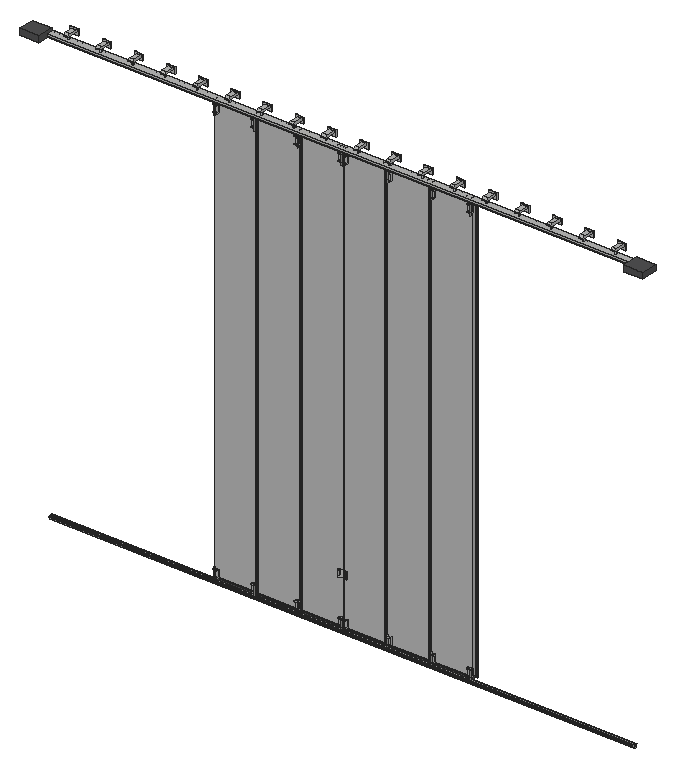
Revit family "Промышленные откатные ворота с нижней направляющей серии ISG-LG", category Двери, Revit 2022
Family settings
  Основа = Стена
  Номер OmniClass = 23.30.10.00
  Заголовок OmniClass = Doors
  Всегда вертикально = Да
  При загрузке вырезать с полостями = Нет
  Общий = Нет
  Точка принадлежности помещению = Нет
Parameters
  Ресурс = "20 000 циклов. Минимальное количество циклов, при котором изготовитель гарантирует отсутствие необходимости в замене какой-либо детали"  # constant formula
  Приведенное сопротивление теплопередаче = "0,65м2 *°С/Вт. При толщине сэндвич-панели 55 мм"  # constant formula
  Группа горючести по ГОСТ 30244-94 = "Г2 (умеренно горючие). При толщине сэндвич-панели 55 мм"  # constant formula
  Группа воспламеняемости по ГОСТ 30402-96 = "В2 (умеренно горючие). При толщине сэндвич-панели 55 мм"  # constant formula
  Габаритная высота изделия [instance] = Высота_Расчет + 350  # 10350
  Количество полотен_Расчет [instance] = if(Открывание_Двустворчатое, Полотно_Левое_Количество + Полотно_Правое_Количество, if(Открывание_Левое, Полотно_Левое_Количество, Полотно_Правое_Количество))  # 6
  Габаритная ширина изделия [instance] = if(or(Открывание_Левое, Открывание_Правое), (((((((Ширина_Расчет + 60) - (50 * (Количество полотен_Расчет - 1))) / Количество полотен_Расчет))) * Количество полотен_Расчет + 50 * (Количество полотен_Расчет - 1)) * 2) + 385 + 145 + 450, (((((((Ширина_Расчет + 60) - (50 * (Количество полотен_Расчет - 1))) / Количество полотен_Расчет))) * Количество полотен_Расчет + 50 * (Количество полотен_Расчет - 1)) * 2) + 385 * 2 + 450 * 2)  # 13790
  Ширина_Расчет [instance] = Width / 1 mm  # 6000
  Функция = Внутренние слои
  Материал уплотнения = DoorHan_Черный
  Сопротивление ветровой нагрузке = "480 Па"  # constant formula
  Предупреждение [instance] = if(Height < 2000 mm, "Минимальная высота проема для конструкции 2000 мм", if(Height > 10000 mm, "Максимальная высота проема для конструкции 10000 мм", if(and(Width < 5000 mm, or(Открывание_Левое, Открывание_Правое)), "Минимальная ширина проема для конструкции 5000 мм", if(and(Width > 15000 mm, or(Открывание_Левое, Открывание_Правое)), "Максимальная ширина проема для конструкции 15000 мм", if(and(Width < 5000 mm, Открывание_Двустворчатое), "Минимальная ширина проема для конструкции 5000 мм", if(and(Width > 30000 mm, Открывание_Двустворчатое), "Максимальная ширина проема для конструкции 30000 мм", " "))))))  # " "
  Полотно_Правое_Количество [instance] = if(and(Открывание_Правое, and(Width > 4999 mm, Width < 5541 mm)), 5, if(and(Открывание_Правое, and(Width > 5540 mm, Width < 6671 mm)), 6, if(and(Открывание_Правое, and(Width > 6670 mm, Width < 7801 mm)), 7, if(and(Открывание_Правое, and(Width > 7800 mm, Width < 8931 mm)), 8, if(and(Открывание_Правое, and(Width > 8930 mm, Width < 10061 mm)), 9, if(and(Открывание_Правое, and(Width > 10060 mm, Width < 11191 mm)), 10, if(and(Открывание_Правое, and(Width > 11190 mm, Width < 12321 mm)), 11, if(and(Открывание_Правое, and(Width > 12320 mm, Width < 13451 mm)), 12, if(and(Открывание_Правое, and(Width > 13450 mm, Width < 14581 mm)), 13, if(and(Открывание_Двустворчатое, and(Width > 4999 mm, Width < 6671 mm)), 3, if(and(Открывание_Двустворчатое, and(Width > 6670 mm, Width < 8931 mm)), 4, if(and(Открывание_Двустворчатое, and(Width > 8930 mm, Width < 11191 mm)), 5, if(and(Открывание_Двустворчатое, and(Width > 11190 mm, Width < 13451 mm)), 6, if(and(Открывание_Двустворчатое, and(Width > 13450 mm, Width < 15711 mm)), 7, if(and(Открывание_Двустворчатое, and(Width > 15710 mm, Width < 17971 mm)), 8, if(and(Открывание_Двустворчатое, and(Width > 17970 mm, Width < 20231 mm)), 9, if(and(Открывание_Двустворчатое, and(Width > 20230 mm, Width < 22491 mm)), 10, if(and(Открывание_Двустворчатое, and(Width > 22490 mm, Width < 24751 mm)), 11, if(and(Открывание_Двустворчатое, and(Width > 24750 mm, Width < 26940 mm)), 12, if(and(Открывание_Двустворчатое, and(Width > 26939 mm, Width < 29100 mm)), 13, 14))))))))))))))))))))  # 3
  Полотно_Левое_Количество [instance] = if(and(Открывание_Левое, and(Width > 4999 mm, Width < 5541 mm)), 5, if(and(Открывание_Левое, and(Width > 5540 mm, Width < 6671 mm)), 6, if(and(Открывание_Левое, and(Width > 6670 mm, Width < 7801 mm)), 7, if(and(Открывание_Левое, and(Width > 7800 mm, Width < 8931 mm)), 8, if(and(Открывание_Левое, and(Width > 8930 mm, Width < 10061 mm)), 9, if(and(Открывание_Левое, and(Width > 10060 mm, Width < 11191 mm)), 10, if(and(Открывание_Левое, and(Width > 11190 mm, Width < 12321 mm)), 11, if(and(Открывание_Левое, and(Width > 12320 mm, Width < 13451 mm)), 12, if(and(Открывание_Левое, and(Width > 13450 mm, Width < 14581 mm)), 13, if(and(Открывание_Двустворчатое, and(Width > 4999 mm, Width < 6671 mm)), 3, if(and(Открывание_Двустворчатое, and(Width > 6670 mm, Width < 8931 mm)), 4, if(and(Открывание_Двустворчатое, and(Width > 8930 mm, Width < 11191 mm)), 5, if(and(Открывание_Двустворчатое, and(Width > 11190 mm, Width < 13451 mm)), 6, if(and(Открывание_Двустворчатое, and(Width > 13450 mm, Width < 15711 mm)), 7, if(and(Открывание_Двустворчатое, and(Width > 15710 mm, Width < 17971 mm)), 8, if(and(Открывание_Двустворчатое, and(Width > 17970 mm, Width < 20231 mm)), 9, if(and(Открывание_Двустворчатое, and(Width > 20230 mm, Width < 22491 mm)), 10, if(and(Открывание_Двустворчатое, and(Width > 22490 mm, Width < 24751 mm)), 11, if(and(Открывание_Двустворчатое, and(Width > 24750 mm, Width < 26940 mm)), 12, if(and(Открывание_Двустворчатое, and(Width > 26939 mm, Width < 29100 mm)), 13, 14))))))))))))))))))))  # 3
  Полотно2_Ширина [instance] = if(Открывание_Правое, Width + (Полотно_Выступ * 2), (Width / 2) + 30 mm)  # 3030 mm
  Полотно1_Ширина [instance] = if(Открывание_Левое, Width + (Полотно_Выступ * 2), (Width / 2) + 30 mm)  # 3030 mm
  Полотно_Правое [instance] = or(Открывание_Правое, Открывание_Двустворчатое)  # yes
  Полотно_Левое [instance] = or(Открывание_Левое, Открывание_Двустворчатое)  # yes
  Полотно_Выступ = 30 mm  # constant formula
  Полотно_Высота [instance] = Height + 42 mm  # 10042 mm
  Открывание_Правое [instance] = no
  Открывание_Левое [instance] = no
  Открывание_Двустворчатое [instance] = not(or(Открывание_Левое, Открывание_Правое))  # yes
  Материал полотна = DoorHan_Серый
  Материал направляющих = DoorHan_Серый
  Направляющая_Запас справа [instance] = if(Открывание_Правое, (Полотно1_Ширина * 2) + 385 mm + 450 mm, if(Открывание_Двустворчатое, Полотно2_Ширина + 385 mm + 450 mm, 145 mm))  # 3865 mm
  Направляющая_Запас слева [instance] = if(Открывание_Левое, (Полотно2_Ширина * 2) + 385 mm + 450 mm, if(Открывание_Двустворчатое, Полотно1_Ширина + 385 mm + 450 mm, 145 mm))  # 3865 mm
  Высота_Расчет [instance] = Height / 1 mm  # 10000
  Height [instance] = 10000 mm
  Замыкание стены = По основе
  Width [instance] = 6000 mm
  Воздухонепроницаемость по ГОСТ26602.2-99 = "50 Па"  # constant formula
  Warning [instance] = or(Height < 2000 mm, or(Height > 10000 mm, or(and(Width < 5000 mm, or(Открывание_Левое, Открывание_Правое)), or(and(Width > 15000 mm, or(Открывание_Левое, Открывание_Правое)), or(and(Width < 5000 mm, Открывание_Двустворчатое), and(Width > 30000 mm, Открывание_Двустворчатое))))))  # no
  D_Warning [instance] = Width  # 6000 mm
  ADSK_Примечание [instance] = ""
  ADSK_Позиция [instance] = ""
  ADSK_Наименование = "Промышленные откатные ворота с нижней направляющей серии ISG-LG"  # constant formula
  ADSK_Материал наименование [instance] = if(Height < 8001 mm, "55мм", "65мм")  # "65мм"
  ADSK_Масса [instance] = round((Габаритная ширина изделия * Габаритная высота изделия) / 1000000 * 26 + 15 * Габаритная ширина изделия / 1000) * 0.15  # 587.7
  ADSK_Марка = "ISG-LG"  # constant formula
  ADSK_Количество = 1  # constant formula
  ADSK_Код изделия = "DUS-234-2"  # constant formula
  ADSK_Завод-изготовитель = "DoorHan"  # constant formula
  ADSK_Единица измерения = "шт."  # constant formula
  ADSK_URL страницы изделия = "https://doorhan.ru/spravka/data-test.php?data=ISG-LG.xml"
  --------------------Расчет-------------------- = "--------------------"  # constant formula
  --------------------Полотно-------------------- = "--------------------"  # constant formula
  --------------------Направляющие-------------------- = "--------------------"  # constant formula
Reference planes
  plane 1: y = 0
  plane 2 "По центру (Влево/Вправо)": x = 0
  plane 3 "Слева": x = -3000
  plane 4 "Справа": x = 3000
  plane 5 "Наружный": y = 150
  plane 6 "Внутренние": y = -150
  plane 7 "Высота": z = 10000
  plane 8: y = -296.5
  plane 9: z = 10190
  plane 10: y = -235
  plane 11: x = -3030
  plane 12: x = 3030
Forms (mm)
  Extrusion 1, void
    sketch origin (0, -150, 0) x (1, 0, 0) y (0, 0, 1)
      loop
        line (-3000, 10000) -> (-3000, 0) -> (3000, 0) -> (3000, 10000) -> (-3000, 10000)
    from -300 to 0
  Sweep 2, solid, material "DoorHan_Черный" <- "Материал уплотнения"
    path origin (0, -150, 0) x (1, 0, 0) y (0, 0, 1)
      loop
        line (-3000, 0) -> (-3000, 10000) -> (3000, 10000) -> (3000, 0)
    profile origin (-3000, -150, 5000) x (-1, 0, 0) y (0, -1, 0)
      loop
        line (50, 0) -> (50, 2) -> (1.987, 2) -> (1.987, 20) -> (4.987, 20) -> (4.987, 41) -> (10.987, 41) -> (10.987, 50) -> (8.987, 50) -> (10, 95) -> (4, 95) -> (5, 50) -> (0, 50) -> (0, 0) -> (50, 0)
  Revolve 3, solid, material "Warning", visible <- "Warning"
    sketch origin (0, 0, 10000) x (-1, 0, 0) y (0, -1, 0)
      loop
        line (0, 0) -> (0, -3000)
        arc (0, -3000) -> (3000, 0) -> (0, 3000) r 3000
        line (0, 3000) -> (0, 0)
      axis (0, 3000) -> (0, -3000)
    angle from 0 to 360
Text (mm)
  text "Наружный" at (-2499.985, 1099.543, 0), in view "Опорный уровень"
  text "Наружный" at (0, 1615.38, 3698.081), in view "Слева"
  text "Наружный" at (0, 916.032, 3874.932), in view "Справа"
Dimensions and locks
  equal spacing: plane 3 "Слева", plane 2 "По центру (Влево/Вправо)", plane 4 "Справа"
  "Width": plane 3 "Слева" to plane 4 "Справа"
  locked: plane 5 "Наружный" to host wall
  locked: plane 6 "Внутренние" to host wall
  "Height": plane 7 "Высота" to level
  locked: plane 8 to plane 6 "Внутренние" at 146.5
  plane 9 to plane 7 "Высота" = 190 mm
  locked: plane 10 to plane 6 "Внутренние" at 85
  "Полотно_Выступ": plane 11 to plane 3 "Слева"
  "Полотно_Выступ": plane 4 "Справа" to plane 12
  "D_Warning": diameter of Revolve 3 sketch curve
  aligned and locked: host wall to plane 1
  aligned and locked: Extrusion 1 sketch curve to plane 7 "Высота"
  aligned and locked: Extrusion 1 sketch curve to plane 3 "Слева"
  aligned and locked: Extrusion 1 sketch curve to plane 4 "Справа"
  aligned and locked: level to Extrusion 1 sketch curve
  aligned and locked: Extrusion 1 to plane 5 "Наружный"
  aligned and locked: Extrusion 1 to plane 6 "Внутренние"
  aligned and locked: Sweep 2 sketch curve to plane 3 "Слева"
  aligned and locked: Sweep 2 sketch curve to plane 4 "Справа"
  aligned and locked: Sweep 2 sketch curve to plane 7 "Высота"
  aligned and locked: Sweep 2 sketch curve to profile plane
  aligned and locked: Sweep 2 sketch curve to plane 6 "Внутренние"
  aligned and locked: plane 2 "По центру (Влево/Вправо)" to nested 1
  aligned and locked: nested 1 to plane 8
  aligned and locked: level to nested 1
  aligned and locked: nested 2 to plane 2 "По центру (Влево/Вправо)"
  aligned and locked: nested 2 to plane 6 "Внутренние"
  aligned and locked: plane 9 to nested 2
  aligned and locked: plane 10 to nested 3
  aligned and locked: plane 11 to nested 3
  aligned and locked: plane 12 to nested 4
  aligned and locked: nested 4 to plane 10
  aligned and locked: plane 2 "По центру (Влево/Вправо)" to Revolve 3 sketch curve
  aligned and locked: plane 1 to Revolve 3 sketch curve
  aligned and locked: Revolve 3 sketch curve to plane 2 "По центру (Влево/Вправо)"
Automatic sketch dimensions
  Sweep 2 sketch curve to level = 0 mm  (x2)
  Sweep 2 sketch curve to Sweep 2 sketch curve = 1.987 mm
  Sweep 2 sketch curve to Sweep 2 sketch curve = 4 mm
  Sweep 2 sketch curve to Sweep 2 sketch curve = 4.987 mm
  Sweep 2 sketch curve to Sweep 2 sketch curve = 5 mm
  Sweep 2 sketch curve to Sweep 2 sketch curve = 3.987 mm
  Sweep 2 sketch curve to Sweep 2 sketch curve = 6 mm  (x2)
  Sweep 2 sketch curve to Sweep 2 sketch curve = 48.013 mm
  Sweep 2 sketch curve to Sweep 2 sketch curve = 2 mm
  Sweep 2 sketch curve to Sweep 2 sketch curve = 18 mm
  Sweep 2 sketch curve to Sweep 2 sketch curve = 21 mm
  Sweep 2 sketch curve to Sweep 2 sketch curve = 9 mm
  Sweep 2 sketch curve to Sweep 2 sketch curve = 0 mm
  Sweep 2 sketch curve to Sweep 2 sketch curve = 45 mm
  Revolve 3 sketch curve to host wall = 0 mm
  host wall to Revolve 3 sketch curve = 0 mm  (x2)
Nested families
  nested 1: "DH_Нижняя направляющая складных ворот" at (0, -316.5, -68), Направляющая_Ширина <- "Width", Материал <- "Материал направляющих", Направляющая_Запас слева <- "Направляющая_Запас слева", Направляющая_Запас справа <- "Направляющая_Запас справа", type "DH_Нижняя направляющая складных ворот"
    with Направляющая_Ширина 6000 mm, Направляющая_Запас справа 3865 mm, Направляющая_Запас слева 3865 mm, Материал DoorHan_Серый
  nested 2: "DH_Верхняя направляющая складных ворот" at (0, -266, 10098), Направляющая_Ширина <- "Width", Материал <- "Материал направляющих", Направляющая_Запас слева <- "Направляющая_Запас слева", Направляющая_Запас справа <- "Направляющая_Запас справа", Открывание_Двустворчатое <- "Открывание_Двустворчатое", Привод_Слева <- "Полотно_Левое", Привод_Справа <- "Полотно_Правое", type "DH_Верхняя направляющая складных ворот"
    with Привод_Справа yes, Привод_Слева yes, Открывание_Двустворчатое yes, Направляющая_Ширина 6000 mm, Направляющая_Запас справа 3865 mm, Направляющая_Запас слева 3865 mm, Материал DoorHan_Серый, Крепления_Шаг первого крепления 756 mm, Крепления_Шаг 756 mm, Крепления_Справа_Количество 9, Крепления_Слева_Количество 9
  nested 3: "DH_Складное полотно" at (0, -235, 0), Полотно_Ширина <- "Полотно1_Ширина", Полотно_Высота <- "Полотно_Высота", visible <- "Полотно_Левое", Полотно_Количество <- "Полотно_Левое_Количество", Полотно_Материал <- "Материал полотна", Ролики_Материал <- "Материал направляющих", Рукоять_Материал <- "Материал направляющих", type "DH_Складное полотно"
    with Уплотнитель_Шаг 976.667 mm, Уплотнитель_Расчет ширины 100 mm, Уплотнитель_Количество 2, Рукоять_Материал DoorHan_Серый, Ролики_Шаг 1026.667 mm, Ролики_Материал DoorHan_Серый, Ролики_Количество 3, Полотно_Ширина одной части 976.667 mm, Полотно_Ширина 3030 mm, Полотно_Шаг 1026.667 mm, Полотно_Материал DoorHan_Серый, Полотно_Количество 3, Полотно_Высота 10042 mm
  nested 4: "DH_Складное полотно" at (0, -235, 0) x (-1, 0, 0) z (0, 0, 1), Полотно_Ширина <- "Полотно2_Ширина", Полотно_Высота <- "Полотно_Высота", visible <- "Полотно_Правое", Полотно_Количество <- "Полотно_Правое_Количество", Полотно_Материал <- "Материал полотна", Ролики_Материал <- "Материал направляющих", Рукоять_Материал <- "Материал направляющих", type "DH_Складное полотно"
    with Уплотнитель_Шаг 976.667 mm, Уплотнитель_Расчет ширины 100 mm, Уплотнитель_Количество 2, Рукоять_Материал DoorHan_Серый, Ролики_Шаг 1026.667 mm, Ролики_Материал DoorHan_Серый, Ролики_Количество 3, Полотно_Ширина одной части 976.667 mm, Полотно_Ширина 3030 mm, Полотно_Шаг 1026.667 mm, Полотно_Материал DoorHan_Серый, Полотно_Количество 3, Полотно_Высота 10042 mm
Definition of nested family "DH_Нижняя направляющая складных ворот"
  Parameters (values of type "DH_Нижняя направляющая складных ворот")
    Default Elevation = 0 mm
    Направляющая_Ширина [instance] = 2960 mm
    Направляющая_Толщина стенки = 2 mm
    Направляющая_Толщина = 40 mm
    Направляющая_Запас справа [instance] = 180 mm
    Направляющая_Запас слева [instance] = 140 mm
    Направляющая_Высота = 68 mm
    Материал [instance] = none
  Reference planes
    plane 1 "По центру (Вперед/Назад)": y = 0
    plane 2: z = 0
    plane 3 "По центру (Влево/Вправо)": x = 0
    plane 4: y = 20
    plane 5: y = -20
    plane 6: x = -1480
    plane 7: x = 1480
    plane 8: z = 68
    plane 9: z = 70
    plane 10: y = 22
    plane 11: y = -22
    plane 12: y = -55
    plane 13: y = 55
    plane 14: z = 2
    plane 15: x = -1620
    plane 16: x = 1660
  Forms (mm)
    Extrusion 1, solid, material <- "Материал"
      sketch origin (0, 0, 0) x (0, 1, 0) y (0, 0, 1)
        loop
          line (22, 68) -> (52.999, 68) -> (55.808, 55.834) -> (58.146, 56.374) -> (55, 70) -> (20, 70) -> (20, 2) -> (-20, 2) -> (-20, 70) -> (-55, 70) -> (-58.158, 56.321) -> (-55.797, 55.776) -> (-52.975, 68) -> (-22, 68) -> (-22, 0) -> (22, 0) -> (22, 68)
      from -1620 to 1660
  Dimensions and locks
    equal spacing: plane 4, plane 1 "По центру (Вперед/Назад)", plane 5
    "Направляющая_Толщина": plane 4 to plane 5
    equal spacing: plane 6, plane 3 "По центру (Влево/Вправо)", plane 7
    "Направляющая_Ширина": plane 6 to plane 7
    "Направляющая_Высота": plane 8 to plane 2
    "Направляющая_Толщина стенки": plane 10 to plane 4
    "Направляющая_Толщина стенки": plane 5 to plane 11
    "Направляющая_Толщина стенки": plane 9 to plane 8
    locked: plane 13 to plane 4 at 35
    locked: plane 5 to plane 12 at 35
    "Направляющая_Толщина стенки": plane 14 to level
    "Направляющая_Запас справа": plane 7 to plane 16
    "Направляющая_Запас слева": plane 15 to plane 6
    aligned and locked: level to plane 2
    aligned and locked: Extrusion 1 sketch curve to level
    aligned and locked: plane 14 to Extrusion 1 sketch curve
    aligned and locked: plane 11 to Extrusion 1 sketch curve
    aligned and locked: plane 5 to Extrusion 1 sketch curve
    aligned and locked: Extrusion 1 sketch curve to plane 4
    aligned and locked: Extrusion 1 sketch curve to plane 10
    aligned and locked: Extrusion 1 sketch curve to plane 8
    aligned and locked: plane 8 to Extrusion 1 sketch curve
    aligned and locked: Extrusion 1 sketch curve to plane 9
    aligned and locked: plane 9 to Extrusion 1 sketch curve
    aligned and locked: Extrusion 1 to plane 15
    aligned and locked: plane 16 to Extrusion 1
  Automatic sketch dimensions
    Extrusion 1 sketch curve to plane 12 = 0 mm
    Extrusion 1 sketch curve to plane 13 = 0 mm
    plane 12 to Extrusion 1 sketch curve = 0.797 mm
    Extrusion 1 sketch curve to Extrusion 1 sketch curve = 2.361 mm
    Extrusion 1 sketch curve to Extrusion 1 sketch curve = 2.025 mm
    plane 13 to Extrusion 1 sketch curve = 2.001 mm
    Extrusion 1 sketch curve to plane 13 = 0.808 mm
    Extrusion 1 sketch curve to Extrusion 1 sketch curve = 0.54 mm
Definition of nested family "DH_Верхняя направляющая складных ворот"
  Parameters (values of type "DH_Верхняя направляющая складных ворот")
    Привод_Справа [instance] = yes
    Привод_Слева [instance] = yes
    Default Elevation = 0 mm
    Открывание_Двустворчатое [instance] = no
    Направляющая_Ширина [instance] = 5000 mm
    Направляющая_Толщина = 166 mm
    Направляющая_Запас справа [instance] = 1318 mm
    Направляющая_Запас слева [instance] = 1318 mm
    Направляющая_Высота = 92 mm
    Материал [instance] = none
    Крепления_Шаг первого крепления [instance] = if(Открывание_Двустворчатое, 756 mm, 753 mm)  # 753 mm
    Крепления_Шаг [instance] = if(Открывание_Двустворчатое, 756 mm, 753 mm)  # 753 mm
    Крепления_Справа_Количество [instance] = roundup((((Направляющая_Ширина / 2) + Направляющая_Запас справа) - (Крепления_Шаг первого крепления / 2)) / Крепления_Шаг)  # 5
    Крепления_Слева_Количество [instance] = roundup((((Направляющая_Ширина / 2) + Направляющая_Запас слева) - (Крепления_Шаг первого крепления / 2)) / Крепления_Шаг)  # 5
  Reference planes
    plane 1 "По центру (Вперед/Назад)": y = 0
    plane 2: z = 0
    plane 3 "По центру (Влево/Вправо)": x = 0
    plane 4: y = -166
    plane 5: x = -2500
    plane 6: x = 2500
    plane 7: z = 92
    plane 8: y = 116
    plane 9: x = -376.5
    plane 10: x = 3818
    plane 11: x = -3818
    plane 12: x = 376.5
    plane 13: x = -1129.5
    plane 14: x = 1129.5
  Forms (mm)
    Extrusion 1, solid, material <- "Материал"
      sketch origin (0, 0, 0) x (0, 1, 0) y (0, 0, 1)
        loop
          line (0, 92) -> (-166, 92) -> (-166, 47) -> (-161, 47) -> (-161, 18) -> (-153, 18) -> (-153, 20) -> (-158, 20) -> (-158, 71) -> (-107, 71) -> (-107, 20) -> (-112, 20) -> (-112, 18) -> (-105, 18) -> (-105, 88) -> (-99, 88) -> (-99, 0) -> (-68, 0) -> (-68, 5) -> (-94, 5) -> (-94, 83) -> (-9, 83) -> (-9, 5) -> (-35, 5) -> (-35, 0) -> (-4, 0) -> (-4, 47) -> (0, 47) -> (0, 92)
      from -3818 to 3818
  Dimensions and locks
    "Направляющая_Толщина": plane 4 to plane 1 "По центру (Вперед/Назад)"
    equal spacing: plane 5, plane 3 "По центру (Влево/Вправо)", plane 6
    "Направляющая_Ширина": plane 5 to plane 6
    "Направляющая_Высота": plane 7 to level
    plane 1 "По центру (Вперед/Назад)" to plane 8 = 116 mm
    "Направляющая_Запас справа": plane 6 to plane 10
    "Направляющая_Запас слева": plane 11 to plane 5
    equal spacing: plane 9, plane 3 "По центру (Влево/Вправо)", plane 12
    "Крепления_Шаг первого крепления": plane 9 to plane 12
    "Крепления_Шаг": plane 13 to plane 9
    "Крепления_Шаг": plane 12 to plane 14
    equal spacing: group 1, group 2, group 5, group 7, group 8  (x3)
    equal spacing: group 10, group 9, group 6, group 4, group 3
    equal spacing: group 3, group 4, group 6, group 9, group 10  (x2)
    aligned and locked: level to plane 2
    aligned and locked: plane 7 to Extrusion 1 sketch curve
    aligned and locked: Extrusion 1 sketch curve to plane 1 "По центру (Вперед/Назад)"
    aligned and locked: Extrusion 1 sketch curve to plane 4
    aligned and locked: Extrusion 1 sketch curve to level  (x2)
    aligned and locked: nested 1 to plane 8
    aligned and locked: plane 9 to nested 1
    aligned and locked: Extrusion 1 to plane 11
    aligned and locked: plane 10 to Extrusion 1
    aligned and locked: nested 2 to plane 8
    aligned and locked: plane 12 to nested 2
    aligned and locked: nested 3 to plane 8
    aligned and locked: plane 14 to nested 3
    aligned and locked: nested 4 to plane 8
    aligned and locked: plane 13 to nested 4
    aligned and locked: nested 8 to plane 1 "По центру (Вперед/Назад)"
    aligned and locked: plane 1 "По центру (Вперед/Назад)" to nested 7
    aligned and locked: nested 7 to plane 10
    aligned and locked: plane 11 to nested 8
    aligned and locked: nested 1 to plane 7
    aligned and locked: plane 7 to nested 1
    aligned and locked: plane 7 to nested 4
    aligned and locked: plane 7 to nested 2
    aligned and locked: plane 7 to nested 3
  Automatic sketch dimensions
    plane 4 to Extrusion 1 sketch curve = 5 mm
    plane 4 to Extrusion 1 sketch curve = 8 mm
    Extrusion 1 sketch curve to Extrusion 1 sketch curve = 5 mm  (x2)
    level to Extrusion 1 sketch curve = 18 mm  (x2)
    Extrusion 1 sketch curve to Extrusion 1 sketch curve = 41 mm
    Extrusion 1 sketch curve to plane 7 = 21 mm
    Extrusion 1 sketch curve to Extrusion 1 sketch curve = 51 mm
    Extrusion 1 sketch curve to Extrusion 1 sketch curve = 2 mm  (x3)
    Extrusion 1 sketch curve to Extrusion 1 sketch curve = 6 mm
    level to Extrusion 1 sketch curve = 5 mm  (x2)
    Extrusion 1 sketch curve to Extrusion 1 sketch curve = 26 mm
    Extrusion 1 sketch curve to Extrusion 1 sketch curve = 33 mm
    plane 1 "По центру (Вперед/Назад)" to Extrusion 1 sketch curve = 9 mm
    plane 1 "По центру (Вперед/Назад)" to Extrusion 1 sketch curve = 4 mm
    Extrusion 1 sketch curve to Extrusion 1 sketch curve = 24 mm
    Extrusion 1 sketch curve to Extrusion 1 sketch curve = 42 mm
    Extrusion 1 sketch curve to plane 7 = 9 mm
    Extrusion 1 sketch curve to plane 7 = 4 mm
  Nested families
    nested 1: "DH_Крепление верхней направляющей" at (-376.5, 116, 112), Материал <- "Материал", type "DH_Крепление верхней направляющей"
    nested 2: "DH_Крепление верхней направляющей" at (376.5, 116, 112), Материал <- "Материал", type "DH_Крепление верхней направляющей"
    nested 3: "DH_Крепление верхней направляющей" at (1129.5, 116, 112), Материал <- "Материал", type "DH_Крепление верхней направляющей"
    nested 4: "DH_Крепление верхней направляющей" at (-1129.5, 116, 112), Материал <- "Материал", type "DH_Крепление верхней направляющей"
    nested 5: "DH_Крепление верхней направляющей" at (1882.5, 116, 112), Материал <- "Материал", type "DH_Крепление верхней направляющей"
    nested 6: "DH_Крепление верхней направляющей" at (-1882.5, 116, 112), Материал <- "Материал", type "DH_Крепление верхней направляющей"
    nested 7: "DH_Привод" at (4043, 0, 0), visible <- "Привод_Справа", type "DH_Привод"
    nested 8: "DH_Привод" at (-4043, 0, 0), visible <- "Привод_Слева", type "DH_Привод"
    nested 9: "DH_Крепление верхней направляющей" at (2635.5, 116, 112), Материал <- "Материал", type "DH_Крепление верхней направляющей"
    nested 10: "DH_Крепление верхней направляющей" at (3388.5, 116, 112), Материал <- "Материал", type "DH_Крепление верхней направляющей"
    nested 11: "DH_Крепление верхней направляющей" at (-2635.5, 116, 112), Материал <- "Материал", type "DH_Крепление верхней направляющей"
    nested 12: "DH_Крепление верхней направляющей" at (-3388.5, 116, 112), Материал <- "Материал", type "DH_Крепление верхней направляющей"
  Definition of nested family "DH_Крепление верхней направляющей"
    Parameters (values of type "DH_Крепление верхней направляющей")
      Ширина2 = 100 mm
      Ширина1 = 200 mm
      Default Elevation = 0 mm
      Материал [instance] = none
    Reference planes
      plane 1 "По центру (Вперед/Назад)": y = 0
      plane 2: z = 0
      plane 3 "По центру (Влево/Вправо)": x = 0
      plane 4: y = -6
      plane 5: y = -256
      plane 6: x = -100
      plane 7: x = 100
      plane 8: x = -50
      plane 9: x = 50
      plane 10: z = 140
      plane 11: z = 112
      plane 12: z = 60
      plane 13: y = -176
      plane 14: z = -20
    Forms (mm)
      Extrusion 1, solid, material <- "Материал"
        sketch origin (0, 0, 0) x (1, 0, 0) y (0, 0, 1)
          loop
            line (-100, 140) -> (-100, 0) -> (100, 0) -> (100, 140) -> (-100, 140)
        from 0 to 6
      Extrusion 2, solid, material <- "Материал"
        sketch origin (0, 0, 0) x (0, 1, 0) y (0, 0, 1)
          loop
            line (-6, 60) -> (-6, 112) -> (-201, 112) -> (-256, 80) -> (-256, 60) -> (-6, 60)
        from -50 to 50
      Extrusion 3, solid
        sketch origin (0, 0, 0) x (1, 0, 0) y (0, 1, 0)
          loop
            circle (0, -176) r 15
        from -20 to 60
    Dimensions and locks
      plane 4 to plane 1 "По центру (Вперед/Назад)" = 6 mm
      equal spacing: plane 6, plane 3 "По центру (Влево/Вправо)", plane 7
      "Ширина1": plane 6 to plane 7
      equal spacing: plane 8, plane 3 "По центру (Влево/Вправо)", plane 9
      "Ширина2": plane 8 to plane 9
      plane 10 to level = 140 mm
      plane 12 to level = 60 mm
      plane 11 to plane 12 = 52 mm
      plane 4 to plane 5 = 250 mm
      locked: plane 13 to plane 5 at 80
      level to plane 14 = 20 mm
      aligned and locked: level to plane 2
      aligned and locked: Extrusion 1 sketch curve to plane 10
      aligned and locked: plane 6 to Extrusion 1 sketch curve
      aligned and locked: Extrusion 1 sketch curve to plane 7
      aligned and locked: level to Extrusion 1 sketch curve
      aligned and locked: Extrusion 1 to plane 1 "По центру (Вперед/Назад)"
      aligned and locked: Extrusion 1 to plane 4
      aligned and locked: Extrusion 2 sketch curve to plane 5
      aligned and locked: Extrusion 2 sketch curve to plane 12
      aligned and locked: Extrusion 2 sketch curve to plane 11
      aligned and locked: plane 4 to Extrusion 2 sketch curve
      aligned and locked: Extrusion 2 to plane 8
      aligned and locked: plane 9 to Extrusion 2
      aligned and locked: plane 13 to Extrusion 3 sketch curve
      aligned and locked: plane 3 "По центру (Влево/Вправо)" to Extrusion 3 sketch curve
      aligned and locked: plane 12 to Extrusion 3
      aligned and locked: Extrusion 3 to plane 14
    Automatic sketch dimensions
      plane 5 to Extrusion 2 sketch curve = 55 mm
      Extrusion 2 sketch curve to Extrusion 2 sketch curve = 20 mm
      radius of Extrusion 3 sketch curve = 15 mm
  Definition of nested family "DH_Привод"
    Parameters
      Ширина = 450 mm
      Толщина = 380 mm
      Default Elevation = 0 mm
      Высота = 141 mm
    Reference planes
      plane 1 "По центру (Вперед/Назад)": y = 0
      plane 2: z = 0
      plane 3 "По центру (Влево/Вправо)": x = 0
      plane 4: y = -380
      plane 5: x = -225
      plane 6: x = 225
      plane 7: z = 141
    Forms (mm)
      Extrusion 1, solid
        sketch origin (0, 0, 0) x (1, 0, 0) y (0, 1, 0)
          loop
            line (-225, 0) -> (-225, -380) -> (225, -380) -> (225, 0) -> (-225, 0)
        from 0 to 141
    Dimensions and locks
      equal spacing: plane 5, plane 3 "По центру (Влево/Вправо)", plane 6
      "Ширина": plane 5 to plane 6
      "Толщина": plane 4 to plane 1 "По центру (Вперед/Назад)"
      "Высота": plane 7 to level
      aligned and locked: level to plane 2
      aligned and locked: Extrusion 1 sketch curve to plane 5
      aligned and locked: plane 1 "По центру (Вперед/Назад)" to Extrusion 1 sketch curve
      aligned and locked: Extrusion 1 sketch curve to plane 6
      aligned and locked: plane 4 to Extrusion 1 sketch curve
      aligned and locked: Extrusion 1 to level
      aligned and locked: plane 7 to Extrusion 1
Definition of nested family "DH_Складное полотно"
  Parameters (values of type "DH_Складное полотно")
    Уплотнитель_Ширина = 50 mm  # constant formula
    Уплотнитель_Шаг [instance] = Полотно_Ширина одной части  # 1625 mm
    Уплотнитель_Расчет ширины [instance] = Уплотнитель_Количество * Уплотнитель_Ширина  # 250 mm
    Уплотнитель_Количество [instance] = Полотно_Количество - 1  # 5
    Рукоять_Материал [instance] = none
    Рукоять_Высота = 1100 mm
    Ролики_Шаг [instance] = Полотно_Шаг  # 1675 mm
    Ролики_Материал [instance] = none
    Ролики_Количество [instance] = Полотно_Количество  # 6
    Полотно_Ширина одной части [instance] = (Полотно_Ширина - (Уплотнитель_Ширина * Уплотнитель_Количество)) / Полотно_Количество  # 1625 mm
    Полотно_Шаг [instance] = Полотно_Ширина одной части + Уплотнитель_Ширина  # 1675 mm
    Полотно_Толщина = 55 mm
    Полотно_Ширина [instance] = 10000 mm
    Полотно_Материал [instance] = none
    Полотно_Количество [instance] = 6
    Полотно_Высота [instance] = 10000 mm
    Default Elevation = 0 mm
  Reference planes
    plane 1 "По центру (Вперед/Назад)": y = 0
    plane 2: z = 0
    plane 3 "По центру (Влево/Вправо)": x = 0
    plane 4: x = -1625
    plane 5: x = -1675
    plane 6: x = -3300
    plane 7: x = -10000
    plane 8: z = 1100
    plane 9: y = -55
    plane 10: z = 62
    plane 11: z = 10000
    plane 12: z = 9970
    plane 13: x = -4975
  Dimensions and locks
    "Уплотнитель_Ширина": plane 5 to plane 4
    equal spacing: group 9, group 8, group 6, group 5, group 2, group 1
    equal spacing: group 1, group 2, group 5, group 6, group 8, group 9  (x2)
    "Полотно_Ширина": plane 7 to plane 3 "По центру (Влево/Вправо)"
    equal spacing: group 11, group 10, group 7, group 4, group 3
    equal spacing: group 3, group 4, group 7, group 10, group 11  (x2)
    "Полотно_Ширина одной части": plane 4 to plane 3 "По центру (Влево/Вправо)"
    "Полотно_Шаг": plane 5 to plane 3 "По центру (Влево/Вправо)"
    "Полотно_Ширина одной части": plane 6 to plane 5
    "Рукоять_Высота": plane 8 to level
    "Полотно_Толщина": plane 9 to plane 1 "По центру (Вперед/Назад)"
    locked: plane 10 to plane 2 at 62
    "Полотно_Высота": plane 11 to level
    locked: plane 11 to plane 12 at 30
    "Ролики_Шаг": plane 6 to plane 13
    equal spacing: group 17, group 16, group 15, group 14, group 13, group 12
    equal spacing: group 12, group 13, group 14, group 15, group 16, group 17  (x2)
    equal spacing: group 23, group 22, group 21, group 20, group 19, group 18
    equal spacing: group 18, group 19, group 20, group 21, group 22, group 23  (x2)
    aligned and locked: level to plane 2
    aligned and locked: plane 3 "По центру (Влево/Вправо)" to nested 1  (x3)
    aligned and locked: plane 1 "По центру (Вперед/Назад)" to nested 1
    aligned and locked: nested 1 to plane 1 "По центру (Вперед/Назад)"  (x2)
    aligned and locked: plane 5 to nested 2  (x2)
    aligned and locked: nested 2 to plane 1 "По центру (Вперед/Назад)"  (x2)
    aligned and locked: plane 4 to nested 3
    aligned and locked: plane 1 "По центру (Вперед/Назад)" to nested 3
    aligned and locked: plane 6 to nested 4
    aligned and locked: nested 4 to plane 1 "По центру (Вперед/Назад)"
    aligned and locked: plane 1 "По центру (Вперед/Назад)" to nested 8
    aligned and locked: nested 8 to plane 3 "По центру (Влево/Вправо)"
    aligned and locked: plane 8 to nested 8
    aligned and locked: plane 3 "По центру (Влево/Вправо)" to nested 9
    aligned and locked: nested 9 to plane 9
    aligned and locked: plane 10 to nested 9
    aligned and locked: plane 3 "По центру (Влево/Вправо)" to nested 10
    aligned and locked: plane 12 to nested 10
    aligned and locked: plane 9 to nested 10
    aligned and locked: nested 11 to plane 10  (x2)
    aligned and locked: nested 11 to plane 9
    aligned and locked: nested 12 to plane 9
    aligned and locked: plane 9 to nested 11
    aligned and locked: plane 9 to nested 12
    aligned and locked: plane 12 to nested 17
    aligned and locked: plane 5 to nested 17
    aligned and locked: plane 12 to nested 12
    aligned and locked: plane 7 to nested 12
    aligned and locked: plane 7 to nested 11
    aligned and locked: plane 5 to nested 22
    aligned and locked: plane 10 to nested 22
  Nested families
    nested 1: "DH_Полотно складных ворот" at (-812.5, 0, 0), Полотно_Толщина <- "Полотно_Толщина", Полотно_Высота <- "Полотно_Высота", Полотно_Ширина <- "Полотно_Ширина одной части", Материал <- "Полотно_Материал", type "DH_Полотно складных ворот"
      with Полотно_Ширина 1625 mm, Полотно_Толщина 55 mm, Полотно_Высота 10000 mm, Материал none
    nested 2: "DH_Полотно складных ворот" at (-2487.5, 0, 0), Полотно_Толщина <- "Полотно_Толщина", Полотно_Высота <- "Полотно_Высота", Полотно_Ширина <- "Полотно_Ширина одной части", Материал <- "Полотно_Материал", type "DH_Полотно складных ворот"
      with Полотно_Ширина 1625 mm, Полотно_Толщина 55 mm, Полотно_Высота 10000 mm, Материал none
    nested 3: "DH_Уплотнитель полотна" at (-1625, 0, 0), Уплотнитель_Ширина <- "Уплотнитель_Ширина", Уплотнитель_Толщина <- "Полотно_Толщина", Уплотнитель_Высота <- "Полотно_Высота", type "DH_Уплотнитель полотна"
      with Уплотнитель_Ширина 50 mm, Уплотнитель_Толщина 55 mm, Уплотнитель_Высота 10000 mm
    nested 4: "DH_Уплотнитель полотна" at (-3300, 0, 0), Уплотнитель_Ширина <- "Уплотнитель_Ширина", Уплотнитель_Толщина <- "Полотно_Толщина", Уплотнитель_Высота <- "Полотно_Высота", type "DH_Уплотнитель полотна"
      with Уплотнитель_Ширина 50 mm, Уплотнитель_Толщина 55 mm, Уплотнитель_Высота 10000 mm
    nested 5: "DH_Полотно складных ворот" at (-4162.5, 0, 0), Полотно_Толщина <- "Полотно_Толщина", Полотно_Высота <- "Полотно_Высота", Полотно_Ширина <- "Полотно_Ширина одной части", Материал <- "Полотно_Материал", type "DH_Полотно складных ворот"
      with Полотно_Ширина 1625 mm, Полотно_Толщина 55 mm, Полотно_Высота 10000 mm, Материал none
    nested 6: "DH_Полотно складных ворот" at (-5837.5, 0, 0), Полотно_Толщина <- "Полотно_Толщина", Полотно_Высота <- "Полотно_Высота", Полотно_Ширина <- "Полотно_Ширина одной части", Материал <- "Полотно_Материал", type "DH_Полотно складных ворот"
      with Полотно_Ширина 1625 mm, Полотно_Толщина 55 mm, Полотно_Высота 10000 mm, Материал none
    nested 7: "DH_Уплотнитель полотна" at (-4975, 0, 0), Уплотнитель_Ширина <- "Уплотнитель_Ширина", Уплотнитель_Толщина <- "Полотно_Толщина", Уплотнитель_Высота <- "Полотно_Высота", type "DH_Уплотнитель полотна"
      with Уплотнитель_Ширина 50 mm, Уплотнитель_Толщина 55 mm, Уплотнитель_Высота 10000 mm
    nested 8: "DH_Рукоять складных ворот" at (4, 0, 1100), Толщина <- "Полотно_Толщина", Материал <- "Рукоять_Материал", type "DH_Рукоять складных ворот"
      with Толщина 55 mm, Материал none
    nested 9: "DH_Нижний ролик" at (-49, -55, 62) x (-1, 0, 0) z (0, 0, 1), Материал <- "Ролики_Материал", type "DH_Нижний ролик"
      with Материал none
    nested 10: "DH_Верхний ролик" at (-49, -55, 9798) x (-1, 0, 0) z (0, 0, 1), Материал <- "Ролики_Материал", type "DH_Верхний ролик"
      with Материал none
    nested 11: "DH_Нижний ролик" at (-9951, -55, 62), Материал <- "Ролики_Материал", type "DH_Нижний ролик"
      with Материал none
    nested 12: "DH_Верхний ролик" at (-9951, -55, 9798), Материал <- "Ролики_Материал", type "DH_Верхний ролик"
      with Материал none
    nested 13: "DH_Полотно складных ворот" at (-7512.5, 0, 0), Полотно_Толщина <- "Полотно_Толщина", Полотно_Высота <- "Полотно_Высота", Полотно_Ширина <- "Полотно_Ширина одной части", Материал <- "Полотно_Материал", type "DH_Полотно складных ворот"
      with Полотно_Ширина 1625 mm, Полотно_Толщина 55 mm, Полотно_Высота 10000 mm, Материал none
    nested 14: "DH_Полотно складных ворот" at (-9187.5, 0, 0), Полотно_Толщина <- "Полотно_Толщина", Полотно_Высота <- "Полотно_Высота", Полотно_Ширина <- "Полотно_Ширина одной части", Материал <- "Полотно_Материал", type "DH_Полотно складных ворот"
      with Полотно_Ширина 1625 mm, Полотно_Толщина 55 mm, Полотно_Высота 10000 mm, Материал none
    nested 15: "DH_Уплотнитель полотна" at (-6650, 0, 0), Уплотнитель_Ширина <- "Уплотнитель_Ширина", Уплотнитель_Толщина <- "Полотно_Толщина", Уплотнитель_Высота <- "Полотно_Высота", type "DH_Уплотнитель полотна"
      with Уплотнитель_Ширина 50 mm, Уплотнитель_Толщина 55 mm, Уплотнитель_Высота 10000 mm
    nested 16: "DH_Уплотнитель полотна" at (-8325, 0, 0), Уплотнитель_Ширина <- "Уплотнитель_Ширина", Уплотнитель_Толщина <- "Полотно_Толщина", Уплотнитель_Высота <- "Полотно_Высота", type "DH_Уплотнитель полотна"
      with Уплотнитель_Ширина 50 mm, Уплотнитель_Толщина 55 mm, Уплотнитель_Высота 10000 mm
    nested 17: "DH_Верхний ролик" at (-1724, -55, 9798) x (-1, 0, 0) z (0, 0, 1), Материал <- "Ролики_Материал", type "DH_Верхний ролик"
      with Материал none
    nested 18: "DH_Верхний ролик" at (-3399, -55, 9798) x (-1, 0, 0) z (0, 0, 1), Материал <- "Ролики_Материал", type "DH_Верхний ролик"
      with Материал none
    nested 19: "DH_Верхний ролик" at (-5074, -55, 9798) x (-1, 0, 0) z (0, 0, 1), Материал <- "Ролики_Материал", type "DH_Верхний ролик"
      with Материал none
    nested 20: "DH_Верхний ролик" at (-6749, -55, 9798) x (-1, 0, 0) z (0, 0, 1), Материал <- "Ролики_Материал", type "DH_Верхний ролик"
      with Материал none
    nested 21: "DH_Верхний ролик" at (-8424, -55, 9798) x (-1, 0, 0) z (0, 0, 1), Материал <- "Ролики_Материал", type "DH_Верхний ролик"
      with Материал none
    nested 22: "DH_Нижний ролик" at (-1724, -55, 62) x (-1, 0, 0) z (0, 0, 1), Материал <- "Ролики_Материал", type "DH_Нижний ролик"
      with Материал none
    nested 23: "DH_Нижний ролик" at (-3399, -55, 62) x (-1, 0, 0) z (0, 0, 1), Материал <- "Ролики_Материал", type "DH_Нижний ролик"
      with Материал none
    nested 24: "DH_Нижний ролик" at (-5074, -55, 62) x (-1, 0, 0) z (0, 0, 1), Материал <- "Ролики_Материал", type "DH_Нижний ролик"
      with Материал none
    nested 25: "DH_Нижний ролик" at (-6749, -55, 62) x (-1, 0, 0) z (0, 0, 1), Материал <- "Ролики_Материал", type "DH_Нижний ролик"
      with Материал none
    nested 26: "DH_Нижний ролик" at (-8424, -55, 62) x (-1, 0, 0) z (0, 0, 1), Материал <- "Ролики_Материал", type "DH_Нижний ролик"
      with Материал none
  Definition of nested family "DH_Полотно складных ворот"
    Parameters (values of type "DH_Полотно складных ворот")
      Полотно_Ширина [instance] = 800 mm
      Полотно_Толщина [instance] = 55 mm
      Полотно_Высота [instance] = 2500 mm
      Default Elevation = 0 mm
      Материал [instance] = none
    Reference planes
      plane 1 "По центру (Вперед/Назад)": y = 0
      plane 2: z = 0
      plane 3 "По центру (Влево/Вправо)": x = 0
      plane 4 "Полотно": y = -55
      plane 5: x = -400
      plane 6: x = 400
      plane 7: z = 2500
      plane 8: z = 62
    Forms (mm)
      Extrusion 1, solid, material <- "Материал"
        sketch origin (0, -55, 0) x (-1, 0, 0) y (0, 0, 1)
          loop
            line (400, 2500) -> (-400, 2500) -> (-400, 62) -> (400, 62) -> (400, 2500)
        from 0 to 55
      Extrusion 2, solid
        sketch origin (0, 0, 0) x (0, 1, 0) y (0, 0, 1)
          loop
            line (-55, 62) -> (-55, 42) -> (-52.012, 42) -> (-52.972, 0) -> (-46.926, 0) -> (-49.03, 42) -> (-46.047, 42) -> (-46.047, 52) -> (-8.934, 52) -> (-8.934, 42) -> (-5.952, 42) -> (-8.035, 0) -> (-2.035, 0) -> (-3, 42) -> (0, 42) -> (0, 62) -> (-55, 62)
        from -400 to 400
    Dimensions and locks
      equal spacing: plane 5, plane 3 "По центру (Влево/Вправо)", plane 6
      "Полотно_Ширина": plane 5 to plane 6
      "Полотно_Толщина": plane 4 "Полотно" to plane 1 "По центру (Вперед/Назад)"
      "Полотно_Высота": plane 7 to plane 2
      plane 8 to level = 62 mm
      aligned and locked: level to plane 2
      aligned and locked: Extrusion 1 sketch curve to plane 7
      aligned and locked: plane 5 to Extrusion 1 sketch curve
      aligned and locked: Extrusion 1 sketch curve to plane 6
      aligned and locked: Extrusion 1 to plane 4 "Полотно"
      aligned and locked: Extrusion 1 to plane 1 "По центру (Вперед/Назад)"
      aligned and locked: Extrusion 1 sketch curve to plane 8
      aligned and locked: plane 6 to Extrusion 2
      aligned and locked: Extrusion 2 sketch curve to plane 8
      aligned and locked: Extrusion 2 sketch curve to level
      aligned and locked: level to Extrusion 2 sketch curve
      aligned and locked: plane 1 "По центру (Вперед/Назад)" to Extrusion 2 sketch curve
      aligned and locked: Extrusion 2 sketch curve to plane 4 "Полотно"
      aligned and locked: Extrusion 2 to plane 5
    Automatic sketch dimensions
      plane 4 "Полотно" to Extrusion 2 sketch curve = 2.028 mm
      plane 4 "Полотно" to Extrusion 2 sketch curve = 2.988 mm
      Extrusion 2 sketch curve to Extrusion 2 sketch curve = 2.982 mm
      Extrusion 2 sketch curve to Extrusion 2 sketch curve = 6.046 mm
      plane 4 "Полотно" to Extrusion 2 sketch curve = 8.953 mm
      plane 1 "По центру (Вперед/Назад)" to Extrusion 2 sketch curve = 8.035 mm
      plane 1 "По центру (Вперед/Назад)" to Extrusion 2 sketch curve = 5.952 mm
      Extrusion 2 sketch curve to Extrusion 2 sketch curve = 2.952 mm
      plane 1 "По центру (Вперед/Назад)" to Extrusion 2 sketch curve = 2.035 mm
      Extrusion 2 sketch curve to plane 8 = 20 mm  (x2)
      Extrusion 2 sketch curve to Extrusion 2 sketch curve = 0 mm  (x2)
      Extrusion 2 sketch curve to Extrusion 2 sketch curve = 10 mm
      plane 1 "По центру (Вперед/Назад)" to Extrusion 2 sketch curve = 8.934 mm
  Definition of nested family "DH_Уплотнитель полотна"
    Parameters
      Уплотнитель_Ширина [instance] = 50 mm
      Уплотнитель_Толщина [instance] = 55 mm
      Уплотнитель_Высота [instance] = 1833.33 mm
      Default Elevation = 0 mm
    Reference planes
      plane 1 "По центру (Вперед/Назад)": y = 0
      plane 2: z = 0
      plane 3 "По центру (Влево/Вправо)": x = 0
      plane 4: x = -50
      plane 5: y = -55
      plane 6: z = 1833.33
    Forms (mm)
      Extrusion 1, solid
        sketch origin (0, 0, 0) x (1, 0, 0) y (0, 0, 1)
          loop
            line (-50, 1833.33) -> (-50, 0) -> (0, 0) -> (0, 1833.33) -> (-50, 1833.33)
        from 0 to 55
    Dimensions and locks
      "Уплотнитель_Толщина": plane 5 to plane 1 "По центру (Вперед/Назад)"
      "Уплотнитель_Ширина": plane 4 to plane 3 "По центру (Влево/Вправо)"
      "Уплотнитель_Высота": plane 6 to level
      aligned and locked: level to plane 2
      aligned and locked: Extrusion 1 sketch curve to plane 6
      aligned and locked: plane 4 to Extrusion 1 sketch curve
      aligned and locked: Extrusion 1 sketch curve to plane 3 "По центру (Влево/Вправо)"
      aligned and locked: plane 2 to Extrusion 1 sketch curve
      aligned and locked: Extrusion 1 to plane 1 "По центру (Вперед/Назад)"
      aligned and locked: Extrusion 1 to plane 5
  Definition of nested family "DH_Рукоять складных ворот"
    Parameters (values of type "DH_Рукоять складных ворот")
      Толщина [instance] = 55 mm
      Default Elevation = 0 mm
      Материал [instance] = none
      Высота = 160 mm
    Reference planes
      plane 1 "По центру (Вперед/Назад)": y = 0
      plane 2: z = 0
      plane 3 "По центру (Влево/Вправо)": x = 0
      plane 4: y = -55
      plane 5: z = 160
      plane 6: x = -4
      plane 7: y = 50
      plane 8: y = -105
    Forms (mm)
      Extrusion 1, solid, material <- "Материал"
        sketch origin (0, 0, 0) x (1, 0, 0) y (0, 1, 0)
          loop
            line (0, 2.801) -> (-112.576, 43.775) -> (-113.944, 40.016) -> (-4, 0) -> (-4, -55) -> (-113.944, -95.016) -> (-112.576, -98.775) -> (0, -57.801) -> (0, 2.801)
        from 0 to 160
      Extrusion 2, void
        sketch origin (0, 0, 0) x (1, 0, 0) y (0, 0, 1)
          loop
            line (-95.932, 145) -> (-95.932, 15) -> (-47.932, 15) -> (-47.932, 145) -> (-95.932, 145)
        from -50 to 105
    Cuts and joins
      Extrusion 2 cuts Extrusion 1
    Dimensions and locks
      "Толщина": plane 4 to plane 1 "По центру (Вперед/Назад)"
      "Высота": plane 5 to plane 2
      plane 6 to plane 3 "По центру (Влево/Вправо)" = 4 mm
      locked: plane 1 "По центру (Вперед/Назад)" to plane 7 at 50
      locked: plane 4 to plane 8 at 50
      aligned and locked: level to plane 2
      aligned and locked: Extrusion 1 sketch curve to plane 3 "По центру (Влево/Вправо)"
      aligned and locked: Extrusion 1 sketch curve to plane 6
      aligned and locked: plane 1 "По центру (Вперед/Назад)" to Extrusion 1 sketch curve
      aligned and locked: plane 4 to Extrusion 1 sketch curve
      aligned and locked: plane 5 to Extrusion 1
      aligned and locked: plane 7 to Extrusion 2
      aligned and locked: Extrusion 2 to plane 8
    Automatic sketch dimensions
      Extrusion 1 sketch curve to plane 1 "По центру (Вперед/Назад)" = 43.775 mm
      Extrusion 1 sketch curve to plane 4 = 43.775 mm
      Extrusion 1 sketch curve to plane 4 = 40.016 mm
      Extrusion 1 sketch curve to Extrusion 1 sketch curve = 1.368 mm  (x2)
      Extrusion 1 sketch curve to plane 1 "По центру (Вперед/Назад)" = 40.016 mm
      Extrusion 2 sketch curve to plane 5 = 15 mm
      Extrusion 2 sketch curve to plane 6 = 43.932 mm
      level to Extrusion 2 sketch curve = 15 mm
      Extrusion 2 sketch curve to Extrusion 2 sketch curve = 48 mm
  Definition of nested family "DH_Нижний ролик"
    Parameters
      Ширина = 98 mm
      Толщина стнки = 3 mm
      Толщина = 45 mm
      Default Elevation = 0 mm
      Материал [instance] = none
      Высота = 172 mm
    Reference planes
      plane 1 "По центру (Вперед/Назад)": y = 0
      plane 2: z = 0
      plane 3 "По центру (Влево/Вправо)": x = 0
      plane 4: y = -45
      plane 5: x = -49
      plane 6: x = 49
      plane 7: z = 172
      plane 8 "Ось ролика": y = -27
      plane 9 "Ролик": x = -24
    Forms (mm)
      Extrusion 1, solid, material <- "Материал"
        sketch origin (0, 0, 0) x (0, 1, 0) y (0, 0, 1)
          loop
            line (-45, 172) -> (-45, 169) -> (-3, 169) -> (-3, 3) -> (-45, 3) -> (-45, 0) -> (0, 0) -> (0, 172) -> (-45, 172)
        from -49 to 49
      Revolve 2, solid, material <- "Материал"
        sketch origin (-24, 0, 0) x (0, 1, 0) y (0, 0, 1)
          loop
            line (-27, 204) -> (-34.5, 204) -> (-34.5, -99) -> (-44.5, -99) -> (-44.5, -110) -> (-34.5, -110) -> (-34.5, -114) -> (-27, -114) -> (-27, 204)
          axis (-27, 204) -> (-27, -114)
        angle from 0 to 360
    Dimensions and locks
      equal spacing: plane 5, plane 3 "По центру (Влево/Вправо)", plane 6
      "Ширина": plane 5 to plane 6
      "Толщина": plane 4 to plane 1 "По центру (Вперед/Назад)"
      "Высота": plane 7 to level
      "Толщина стнки": Extrusion 1 sketch curve to level
      "Толщина стнки": plane 1 "По центру (Вперед/Назад)" to Extrusion 1 sketch curve
      "Толщина стнки": plane 7 to Extrusion 1 sketch curve
      plane 1 "По центру (Вперед/Назад)" to plane 8 "Ось ролика" = 27 mm
      plane 5 to plane 9 "Ролик" = 25 mm
      aligned and locked: level to plane 2
      aligned and locked: plane 6 to Extrusion 1
      aligned and locked: Extrusion 1 to plane 5
      aligned and locked: Extrusion 1 sketch curve to plane 1 "По центру (Вперед/Назад)"
      aligned and locked: plane 7 to Extrusion 1 sketch curve
      aligned and locked: Extrusion 1 sketch curve to level
      aligned and locked: plane 4 to Extrusion 1 sketch curve
      aligned and locked: Extrusion 1 sketch curve to plane 4
      aligned and locked: Revolve 2 sketch curve to plane 8 "Ось ролика"  (x2)
    Automatic sketch dimensions
      plane 8 "Ось ролика" to Revolve 2 sketch curve = 7.5 mm  (x2)
      plane 4 to Revolve 2 sketch curve = 0.5 mm
      Revolve 2 sketch curve to level = 114 mm
      Revolve 2 sketch curve to Revolve 2 sketch curve = 4 mm
      Revolve 2 sketch curve to Revolve 2 sketch curve = 11 mm
      plane 7 to Revolve 2 sketch curve = 32 mm
      Revolve 2 sketch curve to Revolve 2 sketch curve = 13.688 mm
      Revolve 2 sketch curve to Revolve 2 sketch curve = 60.714 mm
  Definition of nested family "DH_Верхний ролик"
    Parameters
      Ширина = 98 mm
      Толщина стнки = 3 mm
      Толщина = 45 mm
      Default Elevation = 0 mm
      Материал [instance] = none
      Высота = 172 mm
    Reference planes
      plane 1 "По центру (Вперед/Назад)": y = 0
      plane 2: z = 0
      plane 3 "По центру (Влево/Вправо)": x = 0
      plane 4: y = -45
      plane 5: x = -49
      plane 6: x = 49
      plane 7: z = 172
      plane 8 "Ось ролика": y = -27
      plane 9 "Ролик": x = -24
      plane 10: z = 300
      plane 11: x = 61
      plane 12: x = -109
    Forms (mm)
      Extrusion 1, solid, material <- "Материал"
        sketch origin (0, 0, 0) x (0, 1, 0) y (0, 0, 1)
          loop
            line (-45, 172) -> (-45, 169) -> (-3, 169) -> (-3, 3) -> (-45, 3) -> (-45, 0) -> (0, 0) -> (0, 172) -> (-45, 172)
        from -49 to 49
      Revolve 2, solid, material <- "Материал"
        sketch origin (-24, 0, 0) x (0, 1, 0) y (0, 0, 1)
          loop
            line (-27, 280) -> (-34.5, 280) -> (-34.5, -60) -> (-27, -60) -> (-27, 280)
          axis (-27, 280) -> (-27, -60)
        angle from 0 to 360
      Extrusion 3, solid, material <- "Материал"
        sketch origin (-24, 0, 0) x (0, 1, 0) y (0, 0, 1)
          loop
            line (-41, 280) -> (-13, 280) -> (-13, 320) -> (-41, 320) -> (-41, 280)
        from -85 to 85
      Extrusion 4, solid, material <- "Материал"
        sketch origin (0, 0, 0) x (1, 0, 0) y (0, 0, 1)
          loop
            circle (-84, 303) r 34
          loop
            circle (36, 303) r 34
        from -9 to 13
      Extrusion 5, solid, material <- "Материал"
        sketch origin (0, 0, 0) x (1, 0, 0) y (0, 0, 1)
          loop
            circle (-84, 303) r 34
          loop
            circle (36, 303) r 34
        from 41 to 63
    Dimensions and locks
      equal spacing: plane 5, plane 3 "По центру (Влево/Вправо)", plane 6
      "Ширина": plane 5 to plane 6
      "Толщина": plane 4 to plane 1 "По центру (Вперед/Назад)"
      "Высота": plane 7 to level
      "Толщина стнки": Extrusion 1 sketch curve to level
      "Толщина стнки": plane 1 "По центру (Вперед/Назад)" to Extrusion 1 sketch curve
      "Толщина стнки": plane 7 to Extrusion 1 sketch curve
      plane 1 "По центру (Вперед/Назад)" to plane 8 "Ось ролика" = 27 mm
      locked: plane 5 to plane 9 "Ролик" at 25
      plane 10 to plane 7 = 128 mm
      plane 12 to plane 9 "Ролик" = 85 mm
      plane 9 "Ролик" to plane 11 = 85 mm
      aligned and locked: level to plane 2
      aligned and locked: plane 6 to Extrusion 1
      aligned and locked: Extrusion 1 to plane 5
      aligned and locked: Extrusion 1 sketch curve to plane 1 "По центру (Вперед/Назад)"
      aligned and locked: plane 7 to Extrusion 1 sketch curve
      aligned and locked: Extrusion 1 sketch curve to level
      aligned and locked: plane 4 to Extrusion 1 sketch curve
      aligned and locked: Extrusion 1 sketch curve to plane 4
      aligned and locked: Revolve 2 sketch curve to plane 8 "Ось ролика"  (x2)
      aligned and locked: Extrusion 3 to plane 12
      aligned and locked: plane 11 to Extrusion 3
    Automatic sketch dimensions
      plane 8 "Ось ролика" to Revolve 2 sketch curve = 7.5 mm
      Revolve 2 sketch curve to level = 60 mm
      plane 7 to Revolve 2 sketch curve = 108 mm
      Revolve 2 sketch curve to Revolve 2 sketch curve = 25.312 mm
      Revolve 2 sketch curve to Revolve 2 sketch curve = 15.286 mm
      plane 4 to Extrusion 3 sketch curve = 4 mm
      plane 1 "По центру (Вперед/Назад)" to Extrusion 3 sketch curve = 13 mm
      plane 10 to Extrusion 3 sketch curve = 20 mm
      Extrusion 3 sketch curve to plane 10 = 20 mm
      plane 10 to Extrusion 4 sketch curve = 3 mm  (x2)
      plane 12 to Extrusion 4 sketch curve = 25 mm
      Extrusion 4 sketch curve to plane 6 = 13 mm
      plane 10 to Extrusion 5 sketch curve = 3 mm  (x2)
      plane 12 to Extrusion 5 sketch curve = 25 mm
      Extrusion 5 sketch curve to plane 6 = 13 mm
      radius of Extrusion 4 sketch curve = 34 mm  (x2)
      radius of Extrusion 5 sketch curve = 34 mm  (x2)
